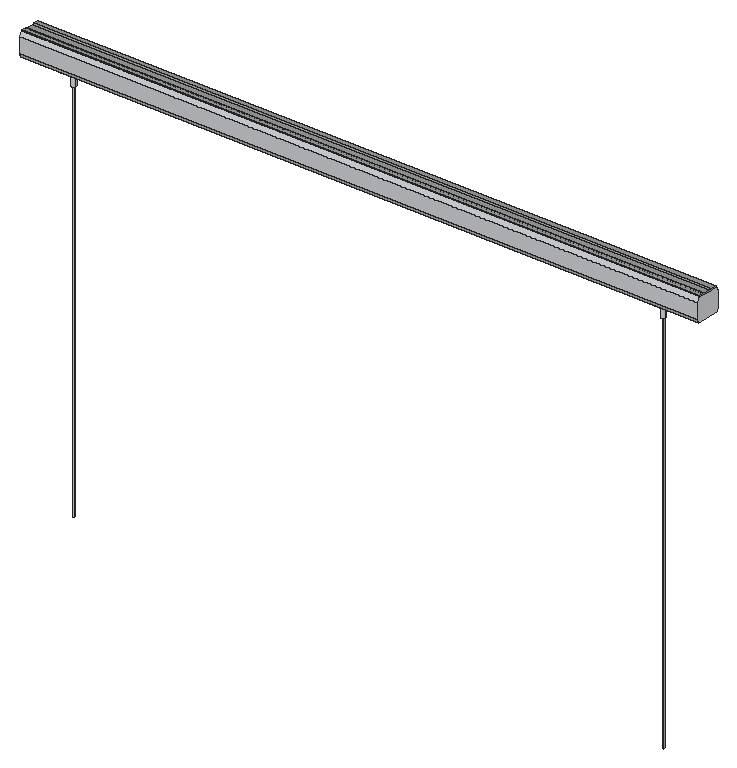
Revit family "0042526 Sylvania Lighting Fixture ISOLINE  1690MM 4K ASYL 5C", category Lighting Fixtures, host Face, Revit 2018
Family settings
  Host = Face
  Round Connector Dimension = Use Diameter
  Part Type = Normal
  OmniClass Number = 23.80.70.00
  OmniClass Title = Lighting
  Cut with Voids When Loaded = No
  Light Source = Yes
  Shared = No
  Room Calculation Point = No
Parameters (values of type "0042526 ISOLINE  1690MM 4K ASYL 5C")
  suspension height = 1000 mm
  spacer height = 5 mm
  spacer centres = 1000 mm
  height = 58.791 mm
  Width = 62 mm
  Weight = "n/a"
  Wattage Comments = ""
  Wattage = 9.2903 W
  WarrantyStartDate [instance] = "n/a"
  WarrantyGuarantorParts = "n/a"
  WarrantyDurationUnit = "n/a"
  WarrantyDurationParts = ""
  WarrantyDescription = "http://www.sylvania-lighting.com"
  built-in parameter 1150110 = 1 (stored number, unit not read)
  Voltage = 0 V
  URL = "0"
  TypeName = "ISOLINE  1690MM 4K ASYL 5C"
  Type Image = <None>
  Type Comments = "n/a"
  built-in parameter 1114217 = 1 (stored number, unit not read)
  Tilt Angle = 90.00°
  built-in parameter 1150109 = 1 (stored number, unit not read)
  built-in parameter 1150134 = 3
  built-in parameter 1150113 = 1 (stored number, unit not read)
  SerialNumber [instance] = "n/a"
  Photometric Web File = "0042526.ies"
  Material_3_FEILO = none
  PowerFactor = 0
  PowerConsumption = "Lighting"
  NominalLength = 62 mm
  NominalHeight = 0 mm
  NominalDepth = 0 mm
  Name = "ISOLINE  1690MM 4K ASYL 5C"
  ModelReference = Name  # "ISOLINE  1690MM 4K ASYL 5C"
  ModelNumber = "0042526"
  Model = Name  # "ISOLINE  1690MM 4K ASYL 5C"
  Material = "Feilo Sylvania"
  ManufacturerName = "140 lm/W"
  Manufacturer = ""
  LuminousEfficacy = ""
  built-in parameter 1150105 = 109.82 (stored number, unit not read)
  Lumens = 1380 lm
  LuminaireType = "0"
  built-in parameter 1150115 = 1 (stored number, unit not read)
  LightOutputRatio = "LED"
  built-in parameter 1150137 = (empty or 0)
  built-in parameter 1150139 = (empty or 0)
  Length = 1690 mm
  LampsType = Lamp  # "n/a"
  LampNominalLuminous = "4000 K"
  LampMacAdamStep = "80"
  LampColourTemperature = "LED"
  LampColourRenderingIndex = "16500"
  built-in parameter 1150112 = 1 (stored number, unit not read)
  built-in parameter 1150114 = 1 (stored number, unit not read)
  Lamp = "n/a"
  Keynote = "n/a"
  InstallationDate [instance] = "n/a"
  InputVoltage = "0"
  InputNominalFrequency = "4000"
  built-in parameter 1150132 = (empty or 0)
  built-in parameter 1150102 = (empty or 0)
  built-in parameter 1150107 = 3200 (stored number, unit not read)
  built-in parameter 1150138 = (empty or 0)
  IngressProtection = "IfcLightFixtureType"
  ImpactProtectionIndex = "IfcLightFixtureType"
  built-in parameter 1150106 = 1.0982 (stored number, unit not read)
  IfcExportType = "IfcLightFixtureType"
  IfcExportAs = "Class I"
  Height = 1000 mm
  ExpectedLife = 50000
  Emit from Circle Diameter = 609.6 mm
  Emit Shape Visible in Rendering = no
  ElectricShockClassification = "140"
  built-in parameter 1150104 = 13.8 (stored number, unit not read)
  DurationUnit = "hours"
  DocumentationLiterature = "http://www.sylvania-lighting.com/product/en-int/products/0042526"
  DimmingControlOptions = "n/a"
  Material_2_FEILO = none
  Dimming Lamp Color Temperature Shift = <None>
  Description = "Isoline LED linear luminaire for industrial and commercial applications. 1690 mm lenght with asymmetrical (Left) optics provide homogenous light distribution for wide, shelf areas. Aluminium housing, RAL 9016. Max + 35 °C operating temperature range, 4000 K, CRI 80, 3 SDMC. 57 W power consumption, 8000 lm luminous flux, 140 lm/W efficacy, 1690 mm x 62 mm x 59 mm (L x W x H) dimensions, IP20, IK03, 220-240 V 50/60 Hz, Class I.Lifespan L70:B50 60,000 hours."
  Default Elevation = 1219.2 mm
  CreatedOn = "04/03/2021"
  CreatedBy = "@sylvania-lighting.com"
  Cost = 0
  Color Filter = 16777215
  built-in parameter 1114216 [instance] = (empty or 0)
  ClassificationValue = "EF_70_80"
  ClassificationName = "Uniclass2015"
  Material_1_FEILO = none
  BarCode [instance] = "n/a"
  built-in parameter 1114218 = 1 (stored number, unit not read)
  built-in parameter 1150133 = 10 (stored number, unit not read)
  AssetType = "Fixed"
  AssetIdentifier [instance] = "n/a"
  Assembly Code = "D5020200"
  Apparent Load = 57 VA
  Material_4_FEILO = none
Reference planes
  plane 1 "Center (Front/Back)": y = 0
  plane 2: z = 0
  plane 3 "Center (Left/Right)": x = 0
  plane 4: z = 0
  plane 5: z = 1000
  plane 6: y = 31
  plane 7: y = -31
  plane 8: x = -845
  plane 9: x = 845
  plane 10: x = -37.307
  plane 11: x = 55
  plane 12: z = 1058.791
  plane 13: z = 51
  plane 14: y = -27
  plane 15: y = 27
  plane 16: z = 12
  plane 17: y = -24.969
  plane 18: y = 25
  plane 19: y = 12
  plane 20: y = -12
  plane 21: z = 1.634
  plane 22: y = -8
  plane 23: y = 8
  plane 24: z = 995
  plane 25: y = 26.98
  plane 26: y = 16.98
  plane 27: y = -27.027
  plane 28: y = -17.004
  plane 29: z = 996.5
  plane 30: y = 26.002
  plane 31: y = -26.027
  plane 32: through (-1580, 7.965, 1219.2) normal (0.5391, 0.8423, 0)
  plane 33: through (-1555, 7.965, 1219.2) normal (0.5391, -0.8423, 0)
  plane 34: through (1555, 7.965, 1219.2) normal (0.5391, 0.8423, 0)
  plane 35: through (1580, 8, 1219.2) normal (0.5399, -0.8417, 0)
  plane 36: z = 1058.003
  plane 37: z = 1056.819
  plane 38: x = -735
  plane 39: x = 735
Forms (mm)
  Extrusion 1, solid, detail levels medium+fine
    sketch origin (-1690, -1523.717, -160.594) x (0, -1, -0.000261) y (0, 0.000261, -1)
      loop
        line (-1493, -1168.2) -> (-1497, -1160.2) -> (-1551, -1160.2) -> (-1555, -1168.2) -> (-1555, -1207.2) -> (-1549.109, -1218.982) -> (-1535.466, -1218.982) -> (-1532, -1217.566) -> (-1516, -1217.566) -> (-1512.511, -1218.991) -> (-1498.896, -1218.991) -> (-1493, -1207.2) -> (-1493, -1168.2)
    from 845 to 2535
  Extrusion 2, solid
    sketch origin (722.452, 1524, 1219.247) x (0, 1, 0) y (0, 0, 1)
      loop
        line (-1497.021, -219.189) -> (-1498.02, -219.189) -> (-1507.02, -223.699) -> (-1541.004, -223.699) -> (-1550.017, -219.203) -> (-1551.02, -219.203) -> (-1541.004, -224.2) -> (-1507.02, -224.2) -> (-1497.021, -219.189)
    from 0 to 25
  Extrusion 3, solid
    sketch origin (-747.495, 1524, 1219.189) x (0, 1, 0) y (0, 0, 1)
      loop
        line (-1497.021, -219.189) -> (-1498.02, -219.189) -> (-1507.02, -223.699) -> (-1541.004, -223.699) -> (-1550.017, -219.203) -> (-1551.02, -219.203) -> (-1541.004, -224.2) -> (-1507.02, -224.2) -> (-1497.021, -219.189)
    from 0 to 25
  Extrusion 4, solid
    sketch origin (836.384, 0, 0) x (1, 0, 0) y (0, 1, 0)
      loop
        circle (-1571.7, -0.035) r 5
    from 962.277 to 995
  Extrusion 5, solid
    sketch origin (2306.545, 0.065, 0) x (1, 0, 0) y (0, 1, 0)
      loop
        circle (-1571.7, -0.035) r 5
    from 962.277 to 995
  Extrusion 6, solid
    sketch origin (836.717, 0, 0) x (1, 0, 0) y (0, 1, 0)
      loop
        circle (-1571.7, -0.035) r 1.5
    from 0 to 962.277
  Extrusion 7, solid
    sketch origin (2306.663, 0.033, 0) x (1, 0, 0) y (0, 1, 0)
      loop
        circle (-1571.7, -0.035) r 1.5
    from 0 to 962.277
  Extrusion 8, solid, material "Glass, White, High Luminance", detail levels fine
    sketch origin (319, 1524, 1219.2) x (0, 1, 0) y (0, 0, 1)
      loop
        line (-1498.926, -160.099) -> (-1512.703, -160.099) -> (-1516.213, -161.534) -> (-1531.9, -161.534) -> (-1535.47, -160.114) -> (-1549.12, -160.114) -> (-1549.12, -161.197) -> (-1535.782, -161.197) -> (-1532.805, -162.381) -> (-1515.468, -162.381) -> (-1512.929, -161.197) -> (-1498.926, -161.197) -> (-1498.926, -160.099)
    from -1164 to 526
  Extrusion 9, solid, detail levels coarse
    sketch origin (319, 1524, 1219.2) x (0, 1, 0) y (0, 0, 1)
      loop
        line (-1493, -160.052) -> (-1555, -160.052) -> (-1555, -1219.2) -> (-1493, -1219.2) -> (-1493, -160.052)
    from -1164 to 526
Dimensions and locks
  "Width": plane 6 to plane 7
  equal spacing: plane 6, plane 1 "Center (Front/Back)", plane 7
  "Length": plane 8 to plane 9
  equal spacing: plane 8, plane 3 "Center (Left/Right)", plane 9
  "height": plane 12 to plane 5
  "suspension height": plane 5 to level
  aligned and locked: host face to plane 2
  aligned and locked: host face to level
Automatic sketch dimensions
  host sketch curve to host sketch curve = 3582.803 mm
  host sketch curve to host sketch curve = 2438.4 mm
  Extrusion 1 sketch curve to plane 25 = 0 mm
  Extrusion 1 sketch curve to plane 6 = 0.033 mm
  Extrusion 1 sketch curve to plane 12 = 11.778 mm
  Extrusion 1 sketch curve to Extrusion 1 sketch curve = 4 mm  (x2)
  Extrusion 1 sketch curve to Extrusion 1 sketch curve = 5.891 mm
  Extrusion 1 sketch curve to Extrusion 1 sketch curve = 13.643 mm
  Extrusion 1 sketch curve to Extrusion 1 sketch curve = 3.466 mm
  Extrusion 1 sketch curve to Extrusion 1 sketch curve = 16 mm
  Extrusion 1 sketch curve to Extrusion 1 sketch curve = 3.489 mm
  Extrusion 1 sketch curve to Extrusion 1 sketch curve = 13.615 mm
  Extrusion 1 sketch curve to Extrusion 1 sketch curve = 54 mm
  Extrusion 1 sketch curve to Extrusion 1 sketch curve = 47 mm
  Extrusion 1 sketch curve to Extrusion 1 sketch curve = 10.366 mm
  Extrusion 1 sketch curve to Extrusion 1 sketch curve = 1.425 mm
  Extrusion 1 sketch curve to Extrusion 1 sketch curve = 11.782 mm
  Extrusion 1 sketch curve to Extrusion 1 sketch curve = 8 mm  (x2)
  Extrusion 2 sketch curve to plane 28 = 0 mm  (x2)
  Extrusion 2 sketch curve to plane 26 = 0 mm  (x2)
  plane 5 to Extrusion 2 sketch curve = 0.058 mm
  Extrusion 2 sketch curve to plane 31 = 0.01 mm
  Extrusion 2 sketch curve to plane 27 = 0.007 mm
  plane 30 to Extrusion 2 sketch curve = 0.022 mm
  plane 25 to Extrusion 2 sketch curve = 0.001 mm
  plane 5 to Extrusion 2 sketch curve = 0.044 mm
  plane 24 to Extrusion 2 sketch curve = 0.547 mm
  plane 24 to Extrusion 2 sketch curve = 0.047 mm
  Extrusion 3 sketch curve to plane 28 = 0 mm  (x2)
  Extrusion 3 sketch curve to plane 26 = 0 mm  (x2)
  Extrusion 3 sketch curve to plane 5 = 0 mm
  Extrusion 3 sketch curve to plane 31 = 0.01 mm
  Extrusion 3 sketch curve to plane 27 = 0.007 mm
  plane 30 to Extrusion 3 sketch curve = 0.022 mm
  plane 25 to Extrusion 3 sketch curve = 0.001 mm
  Extrusion 3 sketch curve to plane 5 = 0.014 mm
  plane 24 to Extrusion 3 sketch curve = 0.489 mm
  Extrusion 3 sketch curve to plane 24 = 0.011 mm
  plane 32 to Extrusion 4 sketch curve = 448.592 mm
  plane 33 to Extrusion 4 sketch curve = 448.592 mm
  Extrusion 5 sketch curve to plane 1 "Center (Front/Back)" = 0.029 mm
  plane 32 to Extrusion 6 sketch curve = 448.771 mm
  plane 33 to Extrusion 6 sketch curve = 448.771 mm
  plane 1 "Center (Front/Back)" to Extrusion 7 sketch curve = 0.002 mm
  Extrusion 8 sketch curve to plane 36 = 0 mm  (x2)
  Extrusion 8 sketch curve to plane 37 = 0 mm
  plane 17 to Extrusion 8 sketch curve = 0.151 mm
  Extrusion 8 sketch curve to plane 20 = 0.218 mm
  plane 12 to Extrusion 8 sketch curve = 0.295 mm
  Extrusion 8 sketch curve to plane 20 = 0.53 mm
  plane 22 to Extrusion 8 sketch curve = 0.805 mm
  Extrusion 8 sketch curve to plane 22 = 0.1 mm
  plane 23 to Extrusion 8 sketch curve = 0.213 mm
  Extrusion 8 sketch curve to plane 23 = 0.532 mm
  plane 19 to Extrusion 8 sketch curve = 0.929 mm
  Extrusion 8 sketch curve to plane 18 = 0.074 mm
  plane 37 to Extrusion 8 sketch curve = 0.848 mm
  plane 19 to Extrusion 8 sketch curve = 0.703 mm
  plane 12 to Extrusion 8 sketch curve = 0.31 mm
  Extrusion 9 sketch curve to plane 7 = 0 mm
  Extrusion 9 sketch curve to plane 6 = 0 mm
  Extrusion 9 sketch curve to plane 29 = 996.5 mm
  plane 12 to Extrusion 9 sketch curve = 0.357 mm
  Extrusion 5 sketch curve to plane 39 = 0.155 mm
  Extrusion 7 sketch curve to plane 39 = 0.037 mm
  radius of Extrusion 4 sketch curve = 5 mm
  radius of Extrusion 5 sketch curve = 5 mm
  radius of Extrusion 6 sketch curve = 1.5 mm
  radius of Extrusion 7 sketch curve = 1.5 mm
Connectors
  electrical at (0, -0.02, 1000.004)
    settings: on Extrusion 1, index 1, voltage 0 V, apparent load 0 VA, apparent load phase1 0 VA, apparent load phase2 0 VA, apparent load phase3 0 VA, power factor 1, load classification "Other", number of poles 1, system type 31, power factor state 1, is connector primary yes, connector utility no, sub classification motor no, connector description ""
